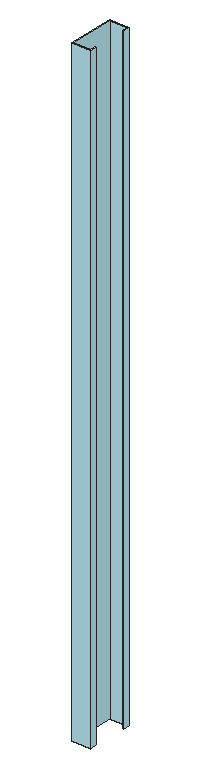
Revit family "75補強材×1.6", category 機械設備, Revit 2020
Family settings
  丸型コネクタ寸法 = 直径を使用
  種別 = なし
  パーツ タイプ = 標準
  作業面ベース = いいえ
  常に垂直 = はい
  ロード時にボイドで切り取り = いいえ
  共有 = いいえ
  部屋計算ポイント = いいえ
Parameters
  製造元 = "株式会社桐井製作所"
  既定の高さ = 0 mm
  URL = "https://www.kirii.co.jp/"
  K_長さ(mm) [instance] = 1000 mm
  K_材質 = "SGCC一般用・SGC340~570高強度一般用・SGC340~570高強度一般用"
  K_外形寸法(mm) = "75×30×10×1.6"
  K_品名 = "75補強材×1.6"
  K_名称 = "補強材"
  K_バージョン情報 = "20210524"
  K_めっき付着量 = "Z12"
  K_JIS規格 = "JIS G 3302"
Reference planes
  plane 1 "中心(正面/背面)": y = 0
  plane 2: z = 0
  plane 3 "中心(左/右)": x = 0
  plane 4: z = 1000
  plane 5: y = 75
Forms (mm)
  Extrusion 1, solid
    sketch origin (0, 0, 0) x (1, 0, 0) y (0, 1, 0)
      loop
        line (0, 0) -> (30, 0) -> (30, 10) -> (28.4, 10) -> (28.4, 1.6) -> (1.6, 1.6) -> (1.6, 73.4) -> (28.4, 73.4) -> (28.4, 65) -> (30, 65) -> (30, 75) -> (0, 75) -> (0, 0)
    from 0 to 1000
Dimensions and locks
  "K_長さ(mm)": plane 4 to plane 2
  aligned and locked: level to plane 2
  aligned and locked: plane 4 to Extrusion 1
  aligned and locked: plane 5 to Extrusion 1
Automatic sketch dimensions
  Extrusion 1 sketch curve to plane 3 "中心(左/右)" = 0 mm
  plane 1 "中心(正面/背面)" to Extrusion 1 sketch curve = 0 mm
  plane 3 "中心(左/右)" to Extrusion 1 sketch curve = 1.6 mm
  Extrusion 1 sketch curve to plane 1 "中心(正面/背面)" = 1.6 mm
  Extrusion 1 sketch curve to Extrusion 1 sketch curve = 1.6 mm  (x3)
  Extrusion 1 sketch curve to Extrusion 1 sketch curve = 8.4 mm  (x2)
  Extrusion 1 sketch curve to Extrusion 1 sketch curve = 55 mm
  Extrusion 1 sketch curve to Extrusion 1 sketch curve = 26.8 mm  (x2)
